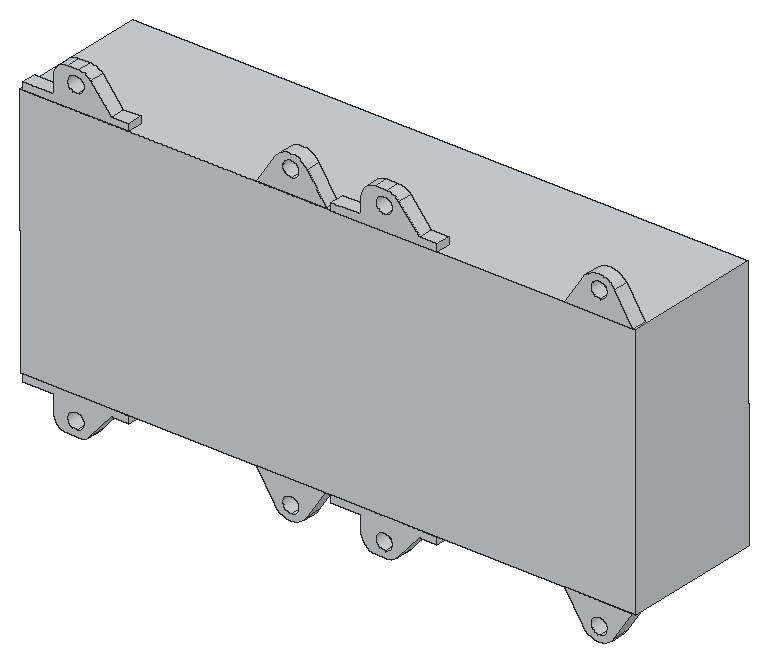
Revit family "Power-MouldedCaseDevices-GEWISS-97MSS-CHANGE-OVER_SWITCH_3POS", category Apparecchi elettrici, host Muro, Revit 2016 (continued)
Definition of nested family "GENERICO -MSS125 COMMUTATORE 3 POSIZIONI"
  Lines and regions (mm)
    model lines, not visible
      curve 696: line (282.29, -25, 72.994) -> (402.291, -25, 72.994)
      curve 697: line (402.291, -25, 72.994) -> (402.291, -25, 1.453)
      curve 698: line (402.291, -25, 1.453) -> (282.29, -25, 1.453)
      curve 699: line (282.29, -25, 1.453) -> (282.29, -25, 29.994)
      curve 700: line (282.29, -25, 29.994) -> (282.29, -25, 1.453)
      curve 701: line (282.29, -25, 1.453) -> (255.334, -25, 1.453)
      curve 702: line (255.334, -25, 1.453) -> (282.29, -25, 1.453)
      curve 703: line (259.566, -25, 72.994) -> (259.058, -25, 72.994)
      curve 704: line (259.058, -25, 72.994) -> (259.566, -25, 72.994)
      curve 705: line (254.995, -25, 72.994) -> (254.318, -25, 72.994)
      curve 706: line (254.318, -25, 72.994) -> (254.995, -25, 72.994)
      curve 707: line (256.18, -25, 72.994) -> (256.857, -25, 72.994)
      curve 708: line (256.857, -25, 72.994) -> (256.18, -25, 72.994)
      curve 709: line (257.534, -25, 72.994) -> (259.058, -25, 72.994)
      curve 710: line (259.058, -25, 72.994) -> (257.534, -25, 72.994)
      curve 711: line (253.471, -25, 72.994) -> (252.286, -25, 72.994)
      curve 712: line (252.286, -25, 72.994) -> (253.471, -25, 72.994)
      curve 713: line (253.471, -25, 72.994) -> (281.235, -25, 72.994)
      curve 714: line (281.235, -25, 72.994) -> (253.471, -25, 72.994)
      curve 715: line (252.624, -25, 188.111) -> (253.302, -25, 188.449)
      curve 716: line (253.302, -25, 188.449) -> (252.624, -25, 188.111)
      curve 717: line (252.624, -25, 188.111) -> (252.286, -25, 187.434)
      curve 718: line (252.286, -25, 187.434) -> (252.624, -25, 188.111)
      curve 719: line (255.334, -25, 171.2) -> (254.825, -25, 171.2)
      curve 720: line (254.825, -25, 171.2) -> (254.318, -25, 171.2)
      curve 721: line (254.318, -25, 171.2) -> (254.825, -25, 171.2)
      curve 722: line (254.825, -25, 171.2) -> (255.334, -25, 171.2)
      curve 723: line (256.18, -25, 171.2) -> (255.334, -25, 171.2)
      curve 724: line (255.334, -25, 171.2) -> (256.18, -25, 171.2)
      curve 725: line (256.18, -25, 171.2) -> (256.688, -25, 171.2)
      curve 726: line (256.688, -25, 171.2) -> (256.18, -25, 171.2)
      curve 727: line (258.042, -25, 171.2) -> (256.688, -25, 171.2)
      curve 728: line (256.688, -25, 171.2) -> (258.042, -25, 171.2)
      curve 729: line (258.042, -25, 171.2) -> (258.55, -25, 171.2)
      curve 730: line (258.55, -25, 171.2) -> (258.042, -25, 171.2)
      curve 731: line (259.735, -25, 171.2) -> (258.55, -25, 171.2)
      curve 732: line (258.55, -25, 171.2) -> (259.735, -25, 171.2)
      curve 733: line (259.735, -25, 171.2) -> (260.243, -25, 171.2)
      curve 734: line (260.243, -25, 171.2) -> (259.735, -25, 171.2)
      curve 735: line (261.597, -25, 171.2) -> (260.243, -25, 171.2)
      curve 736: line (260.243, -25, 171.2) -> (261.597, -25, 171.2)
      curve 737: line (261.597, -25, 171.2) -> (262.105, -25, 171.2)
      curve 738: line (262.105, -25, 171.2) -> (261.597, -25, 171.2)
      curve 739: line (263.459, -25, 171.2) -> (263.967, -25, 171.2)
      curve 740: line (263.967, -25, 171.2) -> (263.459, -25, 171.2)
      curve 741: line (263.459, -25, 171.2) -> (262.105, -25, 171.2)
      curve 742: line (262.105, -25, 171.2) -> (263.459, -25, 171.2)
      curve 743: line (265.66, -25, 171.2) -> (265.152, -25, 171.2)
      curve 744: line (265.152, -25, 171.2) -> (265.66, -25, 171.2)
      curve 745: line (265.66, -25, 171.2) -> (265.152, -25, 171.2)
      curve 746: line (265.152, -25, 171.2) -> (265.66, -25, 171.2)
      curve 747: line (267.014, -25, 171.2) -> (267.522, -25, 171.2)
      curve 748: line (267.522, -25, 171.2) -> (267.014, -25, 171.2)
      curve 749: line (267.014, -25, 171.2) -> (265.66, -25, 171.2)
      curve 750: line (265.66, -25, 171.2) -> (267.014, -25, 171.2)
      curve 751: line (268.708, -25, 171.2) -> (269.215, -25, 171.2)
      curve 752: line (269.215, -25, 171.2) -> (268.708, -25, 171.2)
      curve 753: line (268.708, -25, 171.2) -> (267.522, -25, 171.2)
      curve 754: line (267.522, -25, 171.2) -> (268.708, -25, 171.2)
      curve 755: line (270.57, -25, 171.2) -> (271.077, -25, 171.2)
      curve 756: line (271.077, -25, 171.2) -> (270.57, -25, 171.2)
      curve 757: line (270.57, -25, 171.2) -> (269.215, -25, 171.2)
      curve 758: line (269.215, -25, 171.2) -> (270.57, -25, 171.2)
      curve 759: line (272.431, -25, 171.2) -> (272.94, -25, 171.2)
      curve 760: line (272.94, -25, 171.2) -> (272.431, -25, 171.2)
      curve 761: line (272.431, -25, 171.2) -> (271.077, -25, 171.2)
      curve 762: line (271.077, -25, 171.2) -> (272.431, -25, 171.2)
      curve 763: line (274.125, -25, 171.2) -> (272.94, -25, 171.2)
      curve 764: line (272.94, -25, 171.2) -> (274.125, -25, 171.2)
      curve 765: line (274.125, -25, 171.2) -> (274.632, -25, 171.2)
      curve 766: line (274.632, -25, 171.2) -> (274.125, -25, 171.2)
      curve 767: line (275.987, -25, 171.2) -> (276.495, -25, 171.2)
      curve 768: line (276.495, -25, 171.2) -> (275.987, -25, 171.2)
      curve 769: line (275.987, -25, 171.2) -> (274.632, -25, 171.2)
      curve 770: line (274.632, -25, 171.2) -> (275.987, -25, 171.2)
      curve 771: line (277.849, -25, 171.2) -> (278.357, -25, 171.2)
      curve 772: line (278.357, -25, 171.2) -> (277.849, -25, 171.2)
      curve 773: line (277.849, -25, 171.2) -> (276.495, -25, 171.2)
      curve 774: line (276.495, -25, 171.2) -> (277.849, -25, 171.2)
      curve 775: line (279.542, -25, 171.2) -> (278.357, -25, 171.2)
      curve 776: line (278.357, -25, 171.2) -> (279.542, -25, 171.2)
      curve 777: line (279.542, -25, 171.2) -> (282.29, -25, 171.2)
      curve 778: line (282.29, -25, 171.2) -> (279.542, -25, 171.2)
      curve 779: line (254.825, -25, 171.2) -> (254.318, -25, 171.2)
      curve 780: line (254.318, -25, 171.2) -> (254.825, -25, 171.2)
      curve 781: line (254.318, -25, 171.2) -> (252.286, -25, 171.2)
      curve 782: line (252.286, -25, 171.2) -> (254.318, -25, 171.2)
      curve 783: line (253.302, -25, 188.449) -> (282.29, -25, 188.449)
      curve 784: line (282.29, -25, 188.449) -> (253.302, -25, 188.449)
      curve 785: line (265.152, -25, 171.2) -> (263.967, -25, 171.2)
      curve 786: line (263.967, -25, 171.2) -> (265.152, -25, 171.2)
      curve 787: line (282.29, -25, 165.201) -> (282.29, -25, 141.332)
      curve 788: line (282.29, -25, 141.332) -> (282.29, -25, 165.201)
      curve 789: line (280.727, -25, 117.123) -> (279.881, -25, 116.785)
      curve 790: line (279.881, -25, 116.785) -> (276.833, -25, 116.785)
      curve 791: line (276.833, -25, 116.785) -> (279.881, -25, 116.785)
      curve 792: line (279.881, -25, 116.785) -> (280.727, -25, 117.123)
      curve 793: line (276.833, -25, 119.155) -> (279.881, -25, 119.155)
      curve 794: line (279.881, -25, 119.155) -> (276.833, -25, 119.155)
      curve 795: line (276.833, -25, 119.155) -> (275.987, -25, 118.816)
      curve 796: line (275.987, -25, 118.816) -> (276.833, -25, 119.155)
      curve 797: line (275.987, -25, 118.816) -> (275.648, -25, 117.97)
      curve 798: line (275.648, -25, 117.97) -> (275.987, -25, 118.816)
      curve 799: line (275.648, -25, 117.97) -> (275.987, -25, 117.123)
      curve 800: line (275.987, -25, 117.123) -> (275.648, -25, 117.97)
      curve 801: line (275.987, -25, 117.123) -> (276.833, -25, 116.785)
      curve 802: line (276.833, -25, 116.785) -> (275.987, -25, 117.123)
      curve 803: line (282.29, -25, 107.982) -> (282.29, -25, 97.316)
      curve 804: line (282.29, -25, 97.316) -> (282.29, -25, 107.982)
      curve 805: line (282.29, -25, 127.958) -> (282.29, -25, 138.792)
      curve 806: line (282.29, -25, 138.792) -> (282.29, -25, 127.958)
      curve 807: line (252.286, -25, 140.451) -> (282.29, -25, 140.486)
      curve 808: line (282.29, -25, 140.486) -> (282.29, -25, 171.296)
      curve 809: line (282.29, -25, 171.296) -> (282.29, -25, 140.486)
      curve 810: line (282.29, -25, 95.455) -> (282.29, -25, 73.671)
      curve 811: line (282.29, -25, 73.671) -> (282.29, -25, 95.455)
      curve 812: line (282.29, -25, 129.989) -> (282.29, -25, 105.95)
      curve 813: line (282.29, -25, 105.95) -> (282.29, -25, 129.989)
      curve 814: line (282.29, -25, 188.449) -> (282.29, -25, 171.2)
      curve 815: line (282.29, -25, 171.2) -> (282.29, -25, 188.449)
      curve 816: line (279.881, -25, 119.155) -> (280.727, -25, 118.816)
      curve 817: line (280.727, -25, 118.816) -> (279.881, -25, 119.155)
      curve 818: line (280.727, -25, 118.816) -> (281.065, -25, 117.97)
      curve 819: line (281.065, -25, 117.97) -> (280.727, -25, 118.816)
      curve 820: line (281.065, -25, 117.97) -> (280.727, -25, 117.123)
      curve 821: line (280.727, -25, 117.123) -> (281.065, -25, 117.97)
      curve 822: line (277.646, -25, 57.772) -> (276.799, -25, 57.435)
      curve 823: line (276.799, -25, 57.435) -> (273.752, -25, 57.435)
      curve 824: line (273.752, -25, 57.435) -> (276.799, -25, 57.435)
      curve 825: line (276.799, -25, 57.435) -> (277.646, -25, 57.772)
      curve 826: line (273.752, -25, 59.804) -> (276.799, -25, 59.804)
      curve 827: line (276.799, -25, 59.804) -> (273.752, -25, 59.804)
      curve 828: line (273.752, -25, 59.804) -> (272.905, -25, 59.466)
      curve 829: line (272.905, -25, 59.466) -> (273.752, -25, 59.804)
      curve 830: line (272.905, -25, 59.466) -> (272.567, -25, 58.62)
      curve 831: line (272.567, -25, 58.62) -> (272.905, -25, 59.466)
      curve 832: line (272.567, -25, 58.62) -> (272.905, -25, 57.772)
      curve 833: line (272.905, -25, 57.772) -> (272.567, -25, 58.62)
      curve 834: line (272.905, -25, 57.772) -> (273.752, -25, 57.435)
      curve 835: line (273.752, -25, 57.435) -> (272.905, -25, 57.772)
      curve 836: line (276.799, -25, 59.804) -> (277.646, -25, 59.466)
      curve 837: line (277.646, -25, 59.466) -> (276.799, -25, 59.804)
      curve 838: line (277.646, -25, 59.466) -> (277.984, -25, 58.62)
      curve 839: line (277.984, -25, 58.62) -> (277.646, -25, 59.466)
      curve 840: line (277.984, -25, 58.62) -> (277.646, -25, 57.772)
      curve 841: line (277.646, -25, 57.772) -> (277.984, -25, 58.62)
      curve 842: line (262.523, -25, 101.75) -> (262.429, -25, 101.226)
      curve 843: line (262.429, -25, 101.226) -> (262.47, -25, 100.879)
      curve 844: line (262.47, -25, 100.879) -> (262.429, -25, 101.226)
      curve 845: line (262.429, -25, 101.226) -> (262.523, -25, 101.75)
      curve 846: line (262.47, -25, 100.879) -> (262.588, -25, 100.551)
      curve 847: line (262.588, -25, 100.551) -> (262.47, -25, 100.879)
      curve 848: line (262.588, -25, 100.551) -> (262.771, -25, 100.25)
      curve 849: line (262.771, -25, 100.25) -> (262.588, -25, 100.551)
      curve 850: line (262.771, -25, 100.25) -> (263.282, -25, 99.727)
      curve 851: line (263.282, -25, 99.727) -> (262.771, -25, 100.25)
      curve 852: line (263.282, -25, 99.727) -> (263.899, -25, 99.333)
      curve 853: line (263.899, -25, 99.333) -> (263.282, -25, 99.727)
      curve 854: line (263.899, -25, 99.333) -> (264.575, -25, 99.034)
      curve 855: line (264.575, -25, 99.034) -> (263.899, -25, 99.333)
      curve 856: line (264.575, -25, 99.034) -> (265.287, -25, 98.811)
      curve 857: line (265.287, -25, 98.811) -> (264.575, -25, 99.034)
      curve 858: line (265.287, -25, 98.811) -> (266.009, -25, 98.657)
      curve 859: line (266.009, -25, 98.657) -> (265.287, -25, 98.811)
      curve 860: line (266.009, -25, 98.657) -> (266.744, -25, 98.564)
      curve 861: line (266.744, -25, 98.564) -> (266.009, -25, 98.657)
      curve 862: line (266.744, -25, 98.564) -> (267.897, -25, 98.528)
      curve 863: line (267.897, -25, 98.528) -> (266.744, -25, 98.564)
      curve 864: line (267.897, -25, 98.528) -> (269.05, -25, 98.628)
      curve 865: line (269.05, -25, 98.628) -> (267.897, -25, 98.528)
      curve 866: line (269.05, -25, 98.628) -> (270.184, -25, 98.869)
      curve 867: line (270.184, -25, 98.869) -> (269.05, -25, 98.628)
      curve 868: line (270.184, -25, 98.869) -> (270.695, -25, 99.04)
      curve 869: line (270.695, -25, 99.04) -> (270.184, -25, 98.869)
      curve 870: line (270.695, -25, 99.04) -> (271.196, -25, 99.252)
      curve 871: line (271.196, -25, 99.252) -> (270.695, -25, 99.04)
      curve 872: line (271.196, -25, 99.252) -> (271.678, -25, 99.515)
      curve 873: line (271.678, -25, 99.515) -> (271.196, -25, 99.252)
      curve 874: line (271.678, -25, 99.515) -> (272.113, -25, 99.845)
      curve 875: line (272.113, -25, 99.845) -> (271.678, -25, 99.515)
      curve 876: line (272.113, -25, 99.845) -> (272.478, -25, 100.239)
      curve 877: line (272.478, -25, 100.239) -> (272.113, -25, 99.845)
      curve 878: line (272.478, -25, 100.239) -> (272.73, -25, 100.703)
      curve 879: line (272.73, -25, 100.703) -> (272.478, -25, 100.239)
      curve 880: line (272.73, -25, 100.703) -> (272.83, -25, 101.226)
      curve 881: line (272.83, -25, 101.226) -> (272.73, -25, 100.703)
      curve 882: line (272.83, -25, 101.226) -> (272.789, -25, 101.574)
      curve 883: line (272.789, -25, 101.574) -> (272.83, -25, 101.226)
      curve 884: line (272.789, -25, 101.574) -> (272.672, -25, 101.897)
      curve 885: line (272.672, -25, 101.897) -> (272.789, -25, 101.574)
      curve 886: line (272.672, -25, 101.897) -> (272.489, -25, 102.197)
      curve 887: line (272.489, -25, 102.197) -> (272.672, -25, 101.897)
      curve 888: line (272.489, -25, 102.197) -> (271.977, -25, 102.721)
      curve 889: line (271.977, -25, 102.721) -> (272.489, -25, 102.197)
      curve 890: line (271.977, -25, 102.721) -> (271.354, -25, 103.12)
      curve 891: line (271.354, -25, 103.12) -> (271.977, -25, 102.721)
      curve 892: line (271.354, -25, 103.12) -> (270.679, -25, 103.42)
      curve 893: line (270.679, -25, 103.42) -> (271.354, -25, 103.12)
      curve 894: line (270.679, -25, 103.42) -> (269.973, -25, 103.636)
      curve 895: line (269.973, -25, 103.636) -> (270.679, -25, 103.42)
      curve 896: line (269.973, -25, 103.636) -> (269.249, -25, 103.797)
      curve 897: line (269.249, -25, 103.797) -> (269.973, -25, 103.636)
      curve 898: line (269.249, -25, 103.797) -> (268.514, -25, 103.884)
      curve 899: line (268.514, -25, 103.884) -> (269.249, -25, 103.797)
      curve 900: line (268.514, -25, 103.884) -> (267.357, -25, 103.919)
      curve 901: line (267.357, -25, 103.919) -> (268.514, -25, 103.884)
      curve 902: line (267.357, -25, 103.919) -> (266.204, -25, 103.825)
      curve 903: line (266.204, -25, 103.825) -> (267.357, -25, 103.919)
      curve 904: line (266.204, -25, 103.825) -> (265.075, -25, 103.583)
      curve 905: line (265.075, -25, 103.583) -> (266.204, -25, 103.825)
      curve 906: line (265.075, -25, 103.583) -> (264.557, -25, 103.414)
      curve 907: line (264.557, -25, 103.414) -> (265.075, -25, 103.583)
      curve 908: line (264.557, -25, 103.414) -> (264.058, -25, 103.195)
      curve 909: line (264.058, -25, 103.195) -> (264.557, -25, 103.414)
      curve 910: line (264.058, -25, 103.195) -> (263.582, -25, 102.932)
      curve 911: line (263.582, -25, 102.932) -> (264.058, -25, 103.195)
      curve 912: line (263.582, -25, 102.932) -> (263.146, -25, 102.608)
      curve 913: line (263.146, -25, 102.608) -> (263.582, -25, 102.932)
      curve 914: line (263.146, -25, 102.608) -> (262.782, -25, 102.213)
      curve 915: line (262.782, -25, 102.213) -> (263.146, -25, 102.608)
      curve 916: line (262.782, -25, 102.213) -> (262.523, -25, 101.75)
      curve 917: line (262.523, -25, 101.75) -> (262.782, -25, 102.213)
      curve 918: line (267.727, -25, 99.726) -> (267.462, -25, 99.726)
      curve 919: line (267.462, -25, 99.726) -> (267.727, -25, 99.726)
      curve 920: line (267.727, -25, 99.726) -> (267.727, -25, 102.372)
      curve 921: line (267.727, -25, 102.372) -> (267.727, -25, 99.726)
      curve 922: line (268.723, -25, 102.372) -> (267.727, -25, 102.372)
      curve 923: line (267.727, -25, 102.372) -> (268.723, -25, 102.372)
      curve 924: line (268.723, -25, 102.372) -> (268.723, -25, 102.637)
      curve 925: line (268.723, -25, 102.637) -> (268.723, -25, 102.372)
      curve 926: line (268.723, -25, 102.637) -> (266.474, -25, 102.637)
      curve 927: line (266.474, -25, 102.637) -> (268.723, -25, 102.637)
      curve 928: line (267.462, -25, 99.726) -> (267.462, -25, 102.372)
      curve 929: line (267.462, -25, 102.372) -> (266.474, -25, 102.372)
      curve 930: line (266.474, -25, 102.372) -> (266.474, -25, 102.637)
      curve 931: line (266.474, -25, 102.637) -> (266.474, -25, 102.372)
      curve 932: line (266.474, -25, 102.372) -> (267.462, -25, 102.372)
      curve 933: line (267.462, -25, 102.372) -> (267.462, -25, 99.726)
      curve 934: line (263.353, -25, 136.984) -> (263.468, -25, 137.1)
      curve 935: line (256.854, -25, 137.1) -> (257.784, -25, 137.028)
      curve 936: line (257.784, -25, 137.028) -> (257.712, -25, 135.904)
      curve 937: line (257.712, -25, 135.904) -> (256.204, -25, 135.832)
      curve 938: line (256.204, -25, 135.832) -> (256.204, -25, 134.013)
      curve 939: line (256.204, -25, 134.013) -> (256.587, -25, 134.013)
      curve 940: line (256.587, -25, 134.013) -> (256.587, -25, 135.449)
      curve 941: line (256.587, -25, 135.449) -> (257.712, -25, 135.521)
      curve 942: line (257.712, -25, 135.521) -> (257.712, -25, 132.745)
      curve 943: line (257.712, -25, 132.745) -> (256.854, -25, 132.745)
      curve 944: line (261.541, -25, 135.449) -> (261.469, -25, 134.324)
      curve 945: line (261.469, -25, 134.324) -> (259.363, -25, 134.252)
      curve 946: line (259.363, -25, 134.252) -> (259.363, -25, 134.013)
      curve 947: line (259.363, -25, 134.013) -> (261.469, -25, 133.941)
      curve 948: line (261.469, -25, 133.941) -> (261.529, -25, 132.778)
      curve 949: line (261.469, -25, 132.745) -> (258.166, -25, 132.817)
      curve 950: line (258.166, -25, 132.817) -> (258.166, -25, 137.028)
      curve 951: line (258.166, -25, 137.028) -> (259.961, -25, 137.028)
      curve 952: line (259.961, -25, 137.028) -> (259.961, -25, 135.975)
      curve 953: line (259.89, -25, 135.903) -> (259.363, -25, 135.832)
      curve 954: line (259.363, -25, 135.832) -> (259.435, -25, 135.521)
      curve 955: line (259.435, -25, 135.521) -> (261.469, -25, 135.521)
      curve 956: line (264.411, -25, 132.745) -> (265.562, -25, 132.8)
      curve 957: line (265.562, -25, 132.8) -> (266.348, -25, 135.904)
      curve 958: line (266.348, -25, 135.904) -> (267.643, -25, 135.975)
      curve 959: line (267.643, -25, 135.975) -> (267.571, -25, 137.1)
      curve 960: line (267.571, -25, 137.1) -> (265.333, -25, 137.045)
      curve 961: line (265.333, -25, 137.045) -> (264.915, -25, 135.257)
      curve 962: line (264.915, -25, 135.257) -> (264.555, -25, 137.1)
      curve 963: line (264.555, -25, 137.1) -> (263.926, -25, 137.1)
      curve 964: line (263.926, -25, 137.1) -> (263.362, -25, 137.04)
      curve 965: line (263.362, -25, 137.04) -> (263.072, -25, 135.257)
      curve 966: line (263.072, -25, 135.257) -> (262.584, -25, 137.1)
      curve 967: line (262.584, -25, 137.1) -> (260.344, -25, 137.028)
      curve 968: line (260.344, -25, 137.028) -> (260.344, -25, 135.975)
      curve 969: line (260.344, -25, 135.975) -> (261.639, -25, 135.904)
      curve 970: line (261.639, -25, 135.904) -> (262.495, -25, 132.745)
      curve 971: line (262.495, -25, 132.745) -> (263.576, -25, 132.745)
      curve 972: line (263.576, -25, 132.745) -> (263.994, -25, 134.539)
      curve 973: line (263.994, -25, 134.539) -> (264.341, -25, 132.802)
      curve 974: line (267.643, -25, 132.817) -> (267.643, -25, 135.449)
      curve 975: line (267.643, -25, 135.449) -> (266.518, -25, 135.521)
      curve 976: line (266.518, -25, 135.521) -> (266.446, -25, 132.817)
      curve 977: line (266.446, -25, 132.817) -> (267.571, -25, 132.745)
      curve 978: line (268.026, -25, 137.028) -> (268.098, -25, 134.324)
      curve 979: line (268.098, -25, 134.324) -> (270.132, -25, 134.324)
      curve 980: line (270.132, -25, 134.324) -> (270.132, -25, 133.941)
      curve 981: line (270.132, -25, 133.941) -> (268.026, -25, 133.869)
      curve 982: line (268.026, -25, 133.869) -> (268.026, -25, 132.817)
      curve 983: line (268.026, -25, 132.817) -> (271.328, -25, 132.745)
      curve 984: line (271.328, -25, 132.745) -> (271.328, -25, 135.521)
      curve 985: line (271.328, -25, 135.521) -> (269.222, -25, 135.592)
      curve 986: line (269.222, -25, 135.592) -> (269.222, -25, 135.832)
      curve 987: line (269.222, -25, 135.832) -> (271.328, -25, 135.904)
      curve 988: line (271.328, -25, 135.904) -> (271.4, -25, 137.028)
      curve 989: line (271.4, -25, 137.028) -> (268.098, -25, 137.1)
      curve 990: line (274.752, -25, 135.521) -> (272.979, -25, 135.592)
      curve 991: line (272.979, -25, 135.592) -> (273.05, -25, 135.904)
      curve 992: line (273.05, -25, 135.904) -> (274.536, -25, 135.904)
      curve 993: line (272.713, -25, 137.1) -> (271.783, -25, 137.028)
      curve 994: line (271.783, -25, 137.028) -> (271.855, -25, 134.324)
      curve 995: line (271.855, -25, 134.324) -> (273.742, -25, 134.324)
      curve 996: line (273.742, -25, 134.324) -> (273.742, -25, 133.941)
      curve 997: line (273.742, -25, 133.941) -> (271.783, -25, 133.869)
      curve 998: line (271.783, -25, 133.869) -> (271.783, -25, 132.815)
      curve 999: line (271.783, -25, 132.815) -> (272.713, -25, 132.745)
      curve 1000: line (252.286, -25, 131.034) -> (282.29, -25, 131.034)
      curve 1001: line (272.157, -25, 128.645) -> (275.031, -25, 125.706)
      curve 1002: line (271.639, -25, 128.139) -> (274.513, -25, 125.2)
      curve 1003: line (271.69, -25, 36.478) -> (270.839, -25, 36.974)
      curve 1004: line (270.839, -25, 36.974) -> (274.856, -25, 43.861)
      curve 1005: line (274.856, -25, 43.861) -> (275.707, -25, 43.365)
      curve 1006: line (275.707, -25, 43.365) -> (277.986, -25, 37.827)
      curve 1007: line (277.986, -25, 37.827) -> (271.69, -25, 36.478)
      curve 1008: line (271.69, -25, 36.478) -> (275.707, -25, 43.365)
      curve 1011: arc (326.596, -49, 158.938) -> (326.743, -49, 158.585) -> (327.096, -49, 158.438) r 0.5
      curve 1068: line (536.596, -49, 263.438) -> (536.596, -49, 158.438)
      curve 1069: line (536.596, -49, 158.438) -> (536.596, -49, -0.812)
      curve 1070: line (536.596, -49, -0.812) -> (326.596, -49, -0.812)
      curve 1071: line (326.596, -49, -0.812) -> (326.596, -49, 158.438)
      curve 1072: line (326.596, -49, 158.438) -> (326.596, -49, 263.438)
      curve 1075: line (536.596, -49, 92.688) -> (326.596, -49, 92.688)
      curve 1078: line (536.596, -49, 263.438) -> (536.597, -49, 405.189)
      curve 1079: line (536.597, -49, 405.189) -> (326.597, -49, 405.189)
      curve 1080: line (326.597, -49, 405.189) -> (326.596, -49, 263.438)
    model lines, not visible, detail levels medium+fine
      curve 1009: circle (464.294, -49, 177.438) r 4.5 normal (0, -1, 0)
      curve 1010: circle (464.294, -49, 177.438) r 3 normal (0, -1, 0)
      curve 1059: line (361.596, -49, 158.438) -> (501.596, -49, 158.438)
      curve 1060: line (501.596, -49, 158.438) -> (501.596, -49, 263.438)
      curve 1061: line (501.596, -49, 263.438) -> (361.596, -49, 263.438)
      curve 1062: line (361.596, -49, 263.438) -> (361.596, -49, 158.438)
      curve 1063: line (463.544, -49, 213.938) -> (465.044, -49, 213.938)
      curve 1064: line (465.044, -49, 213.938) -> (465.044, -49, 222.938)
      curve 1065: line (465.044, -49, 222.938) -> (463.544, -49, 222.938)
      curve 1066: line (463.544, -49, 222.938) -> (463.544, -49, 213.938)
      curve 1067: line (503.846, -49, 263.438) -> (536.596, -49, 263.438)
      curve 1073: line (359.846, -49, 135.688) -> (359.846, -49, 158.438)
      curve 1074: line (536.596, -49, 136.688) -> (326.596, -49, 136.688)
      curve 1076: line (503.846, -49, 158.438) -> (536.596, -49, 158.438)
      curve 1077: line (536.597, -49, 311.688) -> (326.597, -49, 311.688)
      curve 1081: line (326.596, -49, 263.438) -> (359.846, -49, 263.438)
      curve 1082: line (359.846, -49, 263.438) -> (359.846, -49, 158.438)
      curve 1083: line (359.846, -49, 158.438) -> (327.096, -49, 158.438)
      curve 1084: line (359.846, -49, 263.438) -> (359.847, -49, 311.688)
      curve 1085: line (503.846, -49, 136.688) -> (503.846, -49, 311.688)
    model lines, not visible, detail levels fine
      curve 1012: arc (367.288, -49, 261.227) -> (363.474, -49, 257.413) -> (367.288, -49, 253.598) r 3.815
      curve 1013: arc (368.791, -49, 253.598) -> (368.88, -49, 253.635) -> (368.917, -49, 253.724) r 0.126
      curve 1014: arc (366.276, -49, 259.131) -> (366.187, -49, 259.095) -> (366.15, -49, 259.006) r 0.126
      curve 1015: arc (366.15, -49, 255.82) -> (366.187, -49, 255.731) -> (366.276, -49, 255.694) r 0.126
      curve 1016: arc (366.695, -49, 255.694) -> (366.784, -49, 255.731) -> (366.821, -49, 255.82) r 0.126
      curve 1017: arc (366.947, -49, 258.461) -> (366.858, -49, 258.424) -> (366.821, -49, 258.335) r 0.126
      curve 1018: arc (368.791, -49, 259.131) -> (368.88, -49, 259.168) -> (368.917, -49, 259.257) r 0.126
      curve 1019: arc (368.917, -49, 258.335) -> (368.88, -49, 258.424) -> (368.791, -49, 258.461) r 0.126
      curve 1020: arc (369.588, -49, 253.724) -> (369.625, -49, 253.635) -> (369.714, -49, 253.598) r 0.126
      curve 1021: arc (375.373, -49, 253.598) -> (375.461, -49, 253.635) -> (375.498, -49, 253.724) r 0.126
      curve 1022: arc (375.498, -49, 255.568) -> (375.461, -49, 255.657) -> (375.373, -49, 255.694) r 0.126
      curve 1023: arc (371.684, -49, 255.82) -> (371.721, -49, 255.731) -> (371.809, -49, 255.694) r 0.126
      curve 1024: arc (372.606, -49, 259.131) -> (372.695, -49, 259.168) -> (372.732, -49, 259.257) r 0.126
      curve 1025: arc (371.809, -49, 259.131) -> (371.721, -49, 259.095) -> (371.684, -49, 259.006) r 0.126
      curve 1026: arc (375.498, -49, 258.335) -> (375.461, -49, 258.424) -> (375.373, -49, 258.461) r 0.126
      curve 1027: arc (375.373, -49, 256.365) -> (375.461, -49, 256.402) -> (375.498, -49, 256.491) r 0.126
      curve 1028: arc (371.809, -49, 256.365) -> (371.721, -49, 256.328) -> (371.684, -49, 256.239) r 0.126
      curve 1029: arc (371.684, -49, 258.586) -> (371.719, -49, 258.499) -> (371.806, -49, 258.461) r 0.126
      curve 1030: arc (373.402, -49, 259.257) -> (373.439, -49, 259.168) -> (373.528, -49, 259.131) r 0.126
      curve 1031: arc (375.794, -49, 259.034) -> (375.749, -49, 259.104) -> (375.671, -49, 259.131) r 0.126
      curve 1032: arc (377.047, -49, 253.695) -> (377.092, -49, 253.625) -> (377.17, -49, 253.598) r 0.126
      curve 1033: arc (379.063, -49, 253.598) -> (379.143, -49, 253.627) -> (379.186, -49, 253.699) r 0.126
      curve 1034: arc (386.062, -49, 259.131) -> (386.151, -49, 259.168) -> (386.188, -49, 259.257) r 0.126
      curve 1035: arc (383.919, -49, 259.131) -> (383.841, -49, 259.104) -> (383.796, -49, 259.034) r 0.126
      curve 1036: arc (382.42, -49, 253.598) -> (382.498, -49, 253.625) -> (382.542, -49, 253.695) r 0.126
      curve 1037: arc (380.404, -49, 253.699) -> (380.447, -49, 253.627) -> (380.527, -49, 253.598) r 0.126
      curve 1038: arc (384.217, -49, 258.461) -> (384.128, -49, 258.424) -> (384.092, -49, 258.335) r 0.126
      curve 1039: arc (384.092, -49, 253.724) -> (384.128, -49, 253.635) -> (384.217, -49, 253.598) r 0.126
      curve 1040: arc (386.062, -49, 253.599) -> (386.151, -49, 253.635) -> (386.188, -49, 253.725) r 0.126
      curve 1041: arc (386.188, -49, 258.335) -> (386.151, -49, 258.424) -> (386.062, -49, 258.461) r 0.126
      curve 1042: arc (392.643, -49, 259.131) -> (392.732, -49, 259.168) -> (392.769, -49, 259.257) r 0.126
      curve 1043: arc (389.08, -49, 259.131) -> (388.991, -49, 259.095) -> (388.954, -49, 259.006) r 0.126
      curve 1044: arc (388.954, -49, 258.586) -> (388.991, -49, 258.497) -> (389.08, -49, 258.461) r 0.126
      curve 1045: arc (386.858, -49, 253.724) -> (386.895, -49, 253.635) -> (386.984, -49, 253.598) r 0.126
      curve 1046: arc (386.984, -49, 255.694) -> (386.895, -49, 255.657) -> (386.858, -49, 255.568) r 0.126
      curve 1047: arc (390.547, -49, 255.694) -> (390.636, -49, 255.731) -> (390.673, -49, 255.82) r 0.126
      curve 1048: arc (392.769, -49, 258.335) -> (392.732, -49, 258.424) -> (392.643, -49, 258.461) r 0.126
      curve 1049: arc (392.643, -49, 253.598) -> (392.732, -49, 253.635) -> (392.769, -49, 253.724) r 0.126
      curve 1050: arc (386.858, -49, 256.491) -> (386.895, -49, 256.402) -> (386.984, -49, 256.365) r 0.126
      curve 1051: arc (390.673, -49, 256.239) -> (390.635, -49, 256.329) -> (390.545, -49, 256.365) r 0.126
      curve 1052: arc (395.068, -49, 253.598) -> (398.084, -49, 255.077) -> (398.762, -49, 258.366) r 3.815
      curve 1053: arc (395.535, -49, 258.586) -> (395.572, -49, 258.497) -> (395.661, -49, 258.461) r 0.126
      curve 1054: arc (396.997, -49, 256.239) -> (396.96, -49, 256.328) -> (396.871, -49, 256.365) r 0.126
      curve 1055: arc (396.871, -49, 255.694) -> (396.96, -49, 255.731) -> (396.997, -49, 255.82) r 0.126
      curve 1056: arc (398.372, -49, 259.32) -> (396.976, -49, 260.716) -> (395.069, -49, 261.227) r 3.815
      curve 1057: arc (398.266, -49, 259.131) -> (398.373, -49, 259.196) -> (398.372, -49, 259.32) r 0.126
      curve 1058: arc (398.762, -49, 258.366) -> (398.717, -49, 258.434) -> (398.641, -49, 258.461) r 0.126
      curve 1086: line (378.672, -49, 261.024) -> (378.875, -49, 261.227)
      curve 1087: line (367.288, -49, 261.227) -> (368.917, -49, 261.102)
      curve 1088: line (368.917, -49, 261.102) -> (368.791, -49, 259.131)
      curve 1089: line (368.791, -49, 259.131) -> (366.15, -49, 259.006)
      curve 1090: line (366.15, -49, 259.006) -> (366.15, -49, 255.82)
      curve 1091: line (366.15, -49, 255.82) -> (366.821, -49, 255.82)
      curve 1092: line (366.821, -49, 255.82) -> (366.821, -49, 258.335)
      curve 1093: line (366.821, -49, 258.335) -> (368.791, -49, 258.461)
      curve 1094: line (368.791, -49, 258.461) -> (368.791, -49, 253.598)
      curve 1095: line (368.791, -49, 253.598) -> (367.288, -49, 253.598)
      curve 1096: line (375.498, -49, 258.335) -> (375.373, -49, 256.365)
      curve 1097: line (375.373, -49, 256.365) -> (371.684, -49, 256.239)
      curve 1098: line (371.684, -49, 256.239) -> (371.684, -49, 255.82)
      curve 1099: line (371.684, -49, 255.82) -> (375.373, -49, 255.694)
      curve 1100: line (375.373, -49, 255.694) -> (375.439, -49, 253.617)
      curve 1101: line (375.479, -49, 253.657) -> (369.588, -49, 253.724)
      curve 1102: line (369.588, -49, 253.724) -> (369.588, -49, 261.102)
      curve 1103: line (369.588, -49, 261.102) -> (372.732, -49, 261.102)
      curve 1104: line (372.732, -49, 261.102) -> (372.732, -49, 259.257)
      curve 1105: line (372.732, -49, 259.257) -> (372.606, -49, 259.131)
      curve 1106: line (372.606, -49, 259.131) -> (371.684, -49, 259.006)
      curve 1107: line (371.684, -49, 259.006) -> (371.809, -49, 258.461)
      curve 1108: line (371.806, -49, 258.461) -> (375.373, -49, 258.461)
      curve 1109: line (380.527, -49, 253.598) -> (382.542, -49, 253.695)
      curve 1110: line (382.542, -49, 253.695) -> (383.919, -49, 259.131)
      curve 1111: line (383.919, -49, 259.131) -> (386.188, -49, 259.257)
      curve 1112: line (386.188, -49, 259.257) -> (386.062, -49, 261.227)
      curve 1113: line (386.062, -49, 261.227) -> (382.141, -49, 261.13)
      curve 1114: line (382.141, -49, 261.13) -> (381.409, -49, 258)
      curve 1115: line (381.409, -49, 258) -> (380.778, -49, 261.227)
      curve 1116: line (380.778, -49, 261.227) -> (379.676, -49, 261.227)
      curve 1117: line (379.676, -49, 261.227) -> (378.688, -49, 261.122)
      curve 1118: line (378.688, -49, 261.122) -> (378.181, -49, 258)
      curve 1119: line (378.181, -49, 258) -> (377.327, -49, 261.227)
      curve 1120: line (377.327, -49, 261.227) -> (373.402, -49, 261.102)
      curve 1121: line (373.402, -49, 261.102) -> (373.402, -49, 259.257)
      curve 1122: line (373.402, -49, 259.257) -> (375.671, -49, 259.131)
      curve 1123: line (375.671, -49, 259.131) -> (377.17, -49, 253.598)
      curve 1124: line (377.17, -49, 253.598) -> (379.063, -49, 253.598)
      curve 1125: line (379.063, -49, 253.598) -> (379.795, -49, 256.742)
      curve 1126: line (379.795, -49, 256.742) -> (380.404, -49, 253.699)
      curve 1127: line (386.188, -49, 253.725) -> (386.188, -49, 258.335)
      curve 1128: line (386.188, -49, 258.335) -> (384.217, -49, 258.461)
      curve 1129: line (384.217, -49, 258.461) -> (384.092, -49, 253.724)
      curve 1130: line (384.092, -49, 253.724) -> (386.062, -49, 253.599)
      curve 1131: line (390.673, -49, 256.239) -> (390.547, -49, 255.694)
      curve 1132: line (390.547, -49, 255.694) -> (386.858, -49, 255.568)
      curve 1133: line (386.858, -49, 255.568) -> (386.858, -49, 253.724)
      curve 1134: line (386.858, -49, 253.724) -> (392.643, -49, 253.598)
      curve 1135: line (392.643, -49, 253.598) -> (392.643, -49, 258.461)
      curve 1136: line (392.643, -49, 258.461) -> (388.954, -49, 258.586)
      curve 1137: line (388.954, -49, 258.586) -> (388.954, -49, 259.006)
      curve 1138: line (388.954, -49, 259.006) -> (392.643, -49, 259.131)
      curve 1139: line (392.643, -49, 259.131) -> (392.769, -49, 261.102)
      curve 1140: line (392.769, -49, 261.102) -> (386.984, -49, 261.227)
      curve 1141: line (386.858, -49, 261.101) -> (386.984, -49, 256.365)
      curve 1142: line (386.984, -49, 256.365) -> (390.545, -49, 256.365)
      curve 1143: line (398.641, -49, 258.461) -> (395.535, -49, 258.586)
      curve 1144: line (395.535, -49, 258.586) -> (395.659, -49, 259.131)
      curve 1145: line (395.659, -49, 259.131) -> (398.266, -49, 259.131)
      curve 1146: line (395.069, -49, 261.227) -> (393.44, -49, 261.102)
      curve 1147: line (393.44, -49, 261.102) -> (393.565, -49, 256.365)
      curve 1148: line (393.565, -49, 256.365) -> (396.871, -49, 256.365)
      curve 1149: line (396.871, -49, 256.365) -> (396.871, -49, 255.694)
      curve 1150: line (396.871, -49, 255.694) -> (393.44, -49, 255.568)
      curve 1151: line (393.44, -49, 255.568) -> (393.44, -49, 253.722)
      curve 1152: line (393.44, -49, 253.722) -> (395.068, -49, 253.598)
      curve 1153: arc (393.44, -49, 256.491) -> (393.476, -49, 256.402) -> (393.565, -49, 256.365) r 0.126
      curve 1154: arc (393.565, -49, 255.694) -> (393.476, -49, 255.657) -> (393.44, -49, 255.568) r 0.126
      curve 1155: arc (393.44, -49, 253.722) -> (393.476, -49, 253.634) -> (393.563, -49, 253.598) r 0.124
      curve 1156: arc (395.659, -49, 259.131) -> (395.572, -49, 259.095) -> (395.535, -49, 259.008) r 0.124
      curve 1157: arc (393.565, -49, 261.227) -> (393.476, -49, 261.19) -> (393.44, -49, 261.102) r 0.126
      curve 1158: arc (392.769, -49, 261.102) -> (392.732, -49, 261.19) -> (392.643, -49, 261.227) r 0.126
      curve 1159: arc (386.984, -49, 261.227) -> (386.895, -49, 261.191) -> (386.858, -49, 261.101) r 0.126
      curve 1160: arc (373.528, -49, 261.227) -> (373.439, -49, 261.19) -> (373.402, -49, 261.102) r 0.126
      curve 1161: arc (377.449, -49, 261.13) -> (377.405, -49, 261.2) -> (377.327, -49, 261.227) r 0.126
      curve 1162: arc (378.812, -49, 261.227) -> (378.731, -49, 261.197) -> (378.688, -49, 261.122) r 0.126
      curve 1163: arc (380.902, -49, 261.122) -> (380.859, -49, 261.197) -> (380.778, -49, 261.227) r 0.126
      curve 1164: arc (382.263, -49, 261.227) -> (382.185, -49, 261.2) -> (382.141, -49, 261.13) r 0.126
      curve 1165: arc (386.188, -49, 261.102) -> (386.151, -49, 261.19) -> (386.062, -49, 261.227) r 0.126
      curve 1166: arc (369.714, -49, 261.227) -> (369.625, -49, 261.19) -> (369.588, -49, 261.102) r 0.126
      curve 1167: arc (372.732, -49, 261.102) -> (372.695, -49, 261.19) -> (372.606, -49, 261.227) r 0.126
      curve 1168: arc (368.917, -49, 261.102) -> (368.88, -49, 261.19) -> (368.791, -49, 261.227) r 0.126
    model lines, detail levels fine
      curve 1169: line (-91.611, -49, 45.196) -> (-91.611, -49, 37.559)
      curve 1170: line (-91.611, -49, 37.559) -> (-94.17, -49, 37.559)
      curve 1171: line (-94.17, -49, 37.559) -> (-95.654, -49, 37.745)
      curve 1172: line (-95.654, -49, 37.745) -> (-97.47, -49, 38.549)
      curve 1173: line (-97.47, -49, 38.549) -> (-98.911, -49, 39.887)
      curve 1174: line (-98.911, -49, 39.887) -> (-99.866, -49, 41.691)
      curve 1175: line (-99.866, -49, 41.691) -> (-100.162, -49, 43.611)
      curve 1176: line (-100.162, -49, 43.611) -> (-99.876, -49, 45.382)
      curve 1177: line (-99.876, -49, 45.382) -> (-99.109, -49, 46.944)
      curve 1178: line (-99.109, -49, 46.944) -> (-97.733, -49, 48.37)
      curve 1179: line (-97.733, -49, 48.37) -> (-96.068, -49, 49.235)
      curve 1180: line (-96.068, -49, 49.235) -> (-94.195, -49, 49.544)
      curve 1181: line (-94.195, -49, 49.544) -> (-91.611, -49, 49.544)
      curve 1182: line (-91.611, -49, 49.544) -> (-91.611, -49, 46.251)
      curve 1183: line (-91.611, -49, 46.251) -> (-95.957, -49, 46.251)
      curve 1184: line (-95.957, -49, 46.251) -> (-95.957, -49, 40.851)
      curve 1185: line (-95.957, -49, 40.851) -> (-94.899, -49, 40.851)
      curve 1186: line (-94.899, -49, 40.851) -> (-94.899, -49, 45.196)
      curve 1187: line (-94.899, -49, 45.196) -> (-91.611, -49, 45.196)
      curve 1188: line (-81.272, -49, 37.559) -> (-90.557, -49, 37.559)
      curve 1189: line (-90.557, -49, 37.559) -> (-90.557, -49, 49.544)
      curve 1190: line (-90.557, -49, 49.544) -> (-85.618, -49, 49.544)
      curve 1191: line (-85.618, -49, 49.544) -> (-85.618, -49, 46.251)
      curve 1192: line (-85.618, -49, 46.251) -> (-87.266, -49, 46.251)
      curve 1193: line (-87.266, -49, 46.251) -> (-87.266, -49, 45.198)
      curve 1194: line (-87.266, -49, 45.198) -> (-81.272, -49, 45.198)
      curve 1195: line (-81.272, -49, 45.198) -> (-81.272, -49, 41.904)
      curve 1196: line (-81.272, -49, 41.904) -> (-87.264, -49, 41.904)
      curve 1197: line (-87.264, -49, 41.904) -> (-87.264, -49, 40.851)
      curve 1198: line (-87.264, -49, 40.851) -> (-81.272, -49, 40.851)
      curve 1199: line (-81.272, -49, 40.851) -> (-81.272, -49, 37.559)
      curve 1200: line (-64.48, -49, 37.559) -> (-64.48, -49, 45.197)
      curve 1201: line (-64.48, -49, 45.197) -> (-67.772, -49, 45.197)
      curve 1202: line (-67.772, -49, 45.197) -> (-67.772, -49, 37.559)
      curve 1203: line (-67.772, -49, 37.559) -> (-64.48, -49, 37.559)
      curve 1204: line (-75.51, -49, 37.559) -> (-74.522, -49, 42.498)
      curve 1205: line (-74.522, -49, 42.498) -> (-73.534, -49, 37.559)
      curve 1206: line (-73.534, -49, 37.559) -> (-70.242, -49, 37.559)
      curve 1207: line (-70.242, -49, 37.559) -> (-68.2, -49, 46.251)
      curve 1208: line (-68.2, -49, 46.251) -> (-64.48, -49, 46.251)
      curve 1209: line (-64.48, -49, 46.251) -> (-64.48, -49, 49.544)
      curve 1210: line (-64.48, -49, 49.544) -> (-70.802, -49, 49.544)
      curve 1211: line (-70.802, -49, 49.544) -> (-71.987, -49, 44.473)
      curve 1212: line (-71.987, -49, 44.473) -> (-72.81, -49, 49.544)
      curve 1213: line (-72.81, -49, 49.544) -> (-76.234, -49, 49.544)
      curve 1214: line (-76.234, -49, 49.544) -> (-77.057, -49, 44.473)
      curve 1215: line (-77.057, -49, 44.473) -> (-78.243, -49, 49.544)
      curve 1216: line (-78.243, -49, 49.544) -> (-84.565, -49, 49.544)
      curve 1217: line (-84.565, -49, 49.544) -> (-84.565, -49, 46.251)
      curve 1218: line (-84.565, -49, 46.251) -> (-80.844, -49, 46.251)
      curve 1219: line (-80.844, -49, 46.251) -> (-78.807, -49, 37.559)
      curve 1220: line (-78.807, -49, 37.559) -> (-75.51, -49, 37.559)
      curve 1221: line (-54.141, -49, 49.544) -> (-63.426, -49, 49.544)
      curve 1222: line (-63.426, -49, 49.544) -> (-63.426, -49, 41.905)
      curve 1223: line (-63.426, -49, 41.905) -> (-57.434, -49, 41.905)
      curve 1224: line (-57.434, -49, 41.905) -> (-57.434, -49, 40.851)
      curve 1225: line (-57.434, -49, 40.851) -> (-63.426, -49, 40.851)
      curve 1226: line (-63.426, -49, 40.851) -> (-63.426, -49, 37.559)
      curve 1227: line (-63.426, -49, 37.559) -> (-54.141, -49, 37.559)
      curve 1228: line (-54.141, -49, 37.559) -> (-54.141, -49, 45.197)
      curve 1229: line (-54.141, -49, 45.197) -> (-60.134, -49, 45.197)
      curve 1230: line (-60.134, -49, 45.197) -> (-60.134, -49, 46.251)
      curve 1231: line (-60.134, -49, 46.251) -> (-54.141, -49, 46.251)
      curve 1232: line (-54.141, -49, 46.251) -> (-54.141, -49, 49.544)
      curve 1233: line (-53.087, -49, 49.544) -> (-53.087, -49, 41.905)
      curve 1234: line (-53.087, -49, 41.905) -> (-47.499, -49, 41.905)
      curve 1235: line (-47.499, -49, 41.905) -> (-47.499, -49, 40.851)
      curve 1236: line (-47.499, -49, 40.851) -> (-53.087, -49, 40.851)
      curve 1237: line (-53.087, -49, 40.851) -> (-53.087, -49, 37.559)
      curve 1238: line (-53.087, -49, 37.559) -> (-49.795, -49, 37.559)
      curve 1239: line (-49.795, -49, 37.559) -> (-47.893, -49, 38.169)
      curve 1240: line (-47.893, -49, 38.169) -> (-46.666, -49, 38.97)
      curve 1241: line (-46.666, -49, 38.97) -> (-45.261, -49, 40.694)
      curve 1242: line (-45.261, -49, 40.694) -> (-44.607, -49, 42.628)
      curve 1243: line (-44.607, -49, 42.628) -> (-44.589, -49, 44.344)
      curve 1244: line (-44.589, -49, 44.344) -> (-44.767, -49, 45.197)
      curve 1245: line (-44.767, -49, 45.197) -> (-49.795, -49, 45.197)
      curve 1246: line (-49.795, -49, 45.197) -> (-49.795, -49, 46.251)
      curve 1247: line (-49.795, -49, 46.251) -> (-45.215, -49, 46.251)
      curve 1248: line (-45.215, -49, 46.251) -> (-45.81, -49, 47.246)
      curve 1249: line (-45.81, -49, 47.246) -> (-46.667, -49, 48.133)
      curve 1250: line (-46.667, -49, 48.133) -> (-47.858, -49, 48.916)
      curve 1251: line (-47.858, -49, 48.916) -> (-49.103, -49, 49.372)
      curve 1252: line (-49.103, -49, 49.372) -> (-50.503, -49, 49.544)
      curve 1253: line (-50.503, -49, 49.544) -> (-53.087, -49, 49.544)
  Dimensions and locks
    equal spacing: plane 5, plane 3 "Centro (Sinistra/Destra)", plane 4
    "A": plane 5 to plane 4
    "C1": plane 8 "C1" to plane 1 "Centro (Fronte/Retro)"
    locked: plane 8 "C1" to plane 9 at 5
    plane 10 to level = 30 mm
    "B": plane 6 to plane 10
    locked: plane 7 to plane 10 at 45
    locked: plane 11 to plane 1 "Centro (Fronte/Retro)" at 5
    locked: Extrusion 2 to plane 8 "C1" at 3.053
    import instance to import instance = 214.962 mm
    aligned and locked: level to plane 2
    aligned and locked: Extrusion 1 sketch curve to plane 4
    aligned and locked: plane 5 to Extrusion 1 sketch curve
    aligned and locked: plane 6 to Extrusion 1 sketch curve
    aligned and locked: Extrusion 1 to plane 8 "C1"
    aligned and locked: Extrusion 1 to plane 1 "Centro (Fronte/Retro)"
    aligned and locked: plane 10 to Extrusion 1 sketch curve
    aligned and locked: Extrusion 2 to plane 9
    aligned and locked: plane 11 to Extrusion 4
    aligned and locked: Extrusion 4 to plane 1 "Centro (Fronte/Retro)"
  Automatic sketch dimensions
    curve 1238 to plane 10 = 7.559 mm
    curve 1188 to plane 10 = 7.559 mm
    curve 1200 to plane 10 = 7.559 mm
    curve 1204 to curve 1188 = 0 mm
    curve 1205 to curve 1204 = 0 mm
    curve 1226 to curve 1200 = 0 mm
    curve 1188 to curve 1170 = 0 mm
    curve 1169 to curve 1170 = 0 mm
    curve 1170 to curve 1171 = 0.187 mm
    curve 1238 to curve 1239 = 0.611 mm
    curve 1171 to curve 1172 = 0.804 mm
    curve 1239 to curve 1240 = 0.8 mm
    curve 1172 to curve 1174 = 1.338 mm
    curve 1240 to curve 1242 = 1.724 mm
    curve 1172 to curve 1184 = 2.302 mm
    curve 1188 to curve 1197 = 3.293 mm
    curve 1227 to curve 1224 = 3.293 mm
    curve 1240 to curve 1235 = 1.882 mm
    curve 1173 to curve 1175 = 1.804 mm
    curve 1198 to curve 1195 = 1.053 mm
    curve 1224 to curve 1223 = 1.053 mm
    curve 1235 to curve 1235 = 1.053 mm
    curve 1205 to curve 1204 = 4.939 mm
    curve 1241 to curve 1243 = 1.934 mm
    curve 1174 to curve 1176 = 1.92 mm
    curve 1242 to curve 1244 = 1.716 mm
    curve 1204 to curve 1212 = 1.976 mm
    curve 1204 to curve 1214 = 1.976 mm
    curve 1185 to curve 1169 = 4.346 mm
    curve 1222 to curve 1201 = 3.293 mm
    curve 1234 to curve 1245 = 3.293 mm
    curve 1223 to curve 1230 = 3.293 mm
    curve 1196 to curve 1194 = 3.294 mm
    curve 1175 to curve 1177 = 1.772 mm
    curve 1201 to curve 1208 = 1.053 mm
    curve 1169 to curve 1183 = 1.054 mm
    curve 1244 to curve 1247 = 1.053 mm
    curve 1229 to curve 1230 = 1.053 mm
    curve 1194 to curve 1219 = 1.053 mm
    curve 1217 to curve 1191 = 0.001 mm
    curve 1176 to curve 1177 = 1.562 mm
    curve 1247 to curve 1248 = 0.995 mm
    curve 1248 to curve 1249 = 0.887 mm
    curve 1177 to curve 1179 = 1.425 mm
    curve 1249 to curve 1250 = 0.783 mm
    curve 1178 to curve 1179 = 0.866 mm
    curve 1250 to curve 1252 = 0.456 mm
    curve 1217 to curve 1217 = 3.293 mm
    curve 1231 to curve 1221 = 3.293 mm
    curve 1214 to curve 1215 = 0 mm
    curve 1210 to curve 1212 = 0 mm
    curve 1233 to curve 1221 = 0 mm
    curve 1182 to curve 1189 = 3.293 mm
    curve 1179 to curve 1180 = 0.308 mm
    curve 1184 to curve 1185 = 1.058 mm
    curve 1180 to curve 1182 = 2.584 mm
    curve 1170 to curve 1170 = 2.559 mm
    curve 1181 to curve 1189 = 1.054 mm
    curve 1169 to curve 1194 = 4.344 mm
    curve 1193 to curve 1198 = 0.003 mm
    curve 1192 to curve 1192 = 1.649 mm
    curve 1190 to curve 1217 = 1.053 mm
    curve 1217 to curve 1194 = 3.292 mm
    curve 1195 to curve 1188 = 0 mm
    curve 1194 to curve 1219 = 0.429 mm
    curve 1188 to curve 1219 = 2.465 mm
    curve 1218 to curve 1216 = 2.601 mm
    curve 1218 to curve 1215 = 3.786 mm
    curve 1215 to curve 1214 = 2.009 mm
    curve 1219 to curve 1204 = 3.297 mm
    curve 1214 to curve 1204 = 2.535 mm
    curve 1204 to curve 1205 = 1.976 mm
    curve 1213 to curve 1213 = 3.424 mm
    curve 1204 to curve 1211 = 2.535 mm
    curve 1212 to curve 1210 = 2.008 mm
    curve 1205 to curve 1206 = 3.293 mm
    curve 1211 to curve 1208 = 3.786 mm
    curve 1206 to curve 1202 = 2.469 mm
    curve 1201 to curve 1208 = 3.293 mm
    curve 1201 to curve 1208 = 0 mm
    curve 1209 to curve 1221 = 1.054 mm
    curve 1226 to curve 1222 = 0 mm
    curve 1200 to curve 1229 = 4.346 mm
    curve 1229 to curve 1224 = 2.7 mm
    curve 1223 to curve 1228 = 3.293 mm
    curve 1228 to curve 1221 = 0 mm
    curve 1228 to curve 1233 = 1.054 mm
    curve 1236 to curve 1233 = 0 mm
    curve 1253 to curve 1251 = 1.4 mm
    curve 1239 to curve 1239 = 1.902 mm
    curve 1248 to curve 1247 = 0.595 mm
    curve 1245 to curve 1243 = 0.178 mm
    curve 1253 to curve 1252 = 2.584 mm
    curve 1169 to curve 1189 = 1.054 mm
    curve 1185 to curve 1170 = 0.729 mm
    curve 1172 to curve 1170 = 1.484 mm
    curve 1179 to curve 1180 = 1.873 mm
    curve 1173 to curve 1171 = 1.816 mm
    curve 1178 to curve 1179 = 1.665 mm
    curve 1174 to curve 1172 = 1.442 mm
    curve 1177 to curve 1178 = 1.376 mm
    curve 1175 to curve 1173 = 0.955 mm
    curve 1176 to curve 1177 = 0.767 mm
    curve 1176 to curve 1176 = 0.286 mm
    plane 4 to curve 1175 = 7.338 mm
    curve 1237 to curve 1238 = 3.293 mm
    curve 1246 to curve 1251 = 0.692 mm
    curve 1251 to curve 1250 = 1.245 mm
    curve 1239 to curve 1235 = 0.394 mm
    curve 1250 to curve 1249 = 1.192 mm
    curve 1239 to curve 1241 = 1.227 mm
    curve 1249 to curve 1249 = 0.856 mm
    curve 1240 to curve 1242 = 1.405 mm
    curve 1247 to curve 1244 = 0.449 mm
    curve 1243 to curve 1243 = 0.019 mm
    Extrusion 4 sketch curve to plane 10 = 0 mm  (x4)
    Extrusion 4 sketch curve to plane 6 = 0 mm  (x4)
    plane 10 to Extrusion 4 sketch curve = 2.5 mm  (x2)
    Extrusion 4 sketch curve to Extrusion 4 sketch curve = 2.5 mm  (x5)
    Extrusion 4 sketch curve to plane 5 = 1.038 mm  (x2)
    plane 10 to Extrusion 4 sketch curve = 6.149 mm
    plane 10 to Extrusion 4 sketch curve = 6.274 mm
    plane 10 to Extrusion 4 sketch curve = 7.409 mm  (x2)
    Extrusion 4 sketch curve to Extrusion 4 sketch curve = 5.5 mm  (x3)
    Extrusion 4 sketch curve to Extrusion 4 sketch curve = 0.686 mm  (x4)
    Extrusion 4 sketch curve to Extrusion 4 sketch curve = 1.821 mm  (x2)
    Extrusion 4 sketch curve to Extrusion 4 sketch curve = 1.946 mm  (x2)
    Extrusion 4 sketch curve to Extrusion 4 sketch curve = 1.716 mm  (x4)
    Extrusion 4 sketch curve to Extrusion 4 sketch curve = 1.805 mm  (x4)
    Extrusion 4 sketch curve to Extrusion 4 sketch curve = 3.619 mm  (x4)
    Extrusion 4 sketch curve to Extrusion 4 sketch curve = 1.972 mm  (x2)
    Extrusion 4 sketch curve to Extrusion 4 sketch curve = 5 mm  (x2)
    plane 6 to Extrusion 4 sketch curve = 2.5 mm
    plane 6 to Extrusion 4 sketch curve = 6.149 mm
    plane 6 to Extrusion 4 sketch curve = 6.274 mm
    plane 6 to Extrusion 4 sketch curve = 7.409 mm  (x2)
    Extrusion 4 sketch curve to Extrusion 4 sketch curve = 0.591 mm
    Extrusion 4 sketch curve to Extrusion 4 sketch curve = 10.5 mm  (x3)
    Extrusion 4 sketch curve to Extrusion 4 sketch curve = 3.028 mm  (x2)
    Extrusion 4 sketch curve to Extrusion 4 sketch curve = 0.89 mm  (x2)
    Extrusion 4 sketch curve to Extrusion 4 sketch curve = 7.24 mm  (x4)
    Extrusion 4 sketch curve to Extrusion 4 sketch curve = 6.079 mm  (x4)
    Extrusion 4 sketch curve to Extrusion 4 sketch curve = 5.729 mm  (x2)
    Extrusion 4 sketch curve to Extrusion 4 sketch curve = 0.028 mm  (x2)
    plane 3 "Centro (Sinistra/Destra)" to Extrusion 4 sketch curve = 0.962 mm  (x2)
    Extrusion 4 sketch curve to plane 3 "Centro (Sinistra/Destra)" = 1.038 mm  (x2)
    Extrusion 4 sketch curve to plane 3 "Centro (Sinistra/Destra)" = 11.538 mm
    Extrusion 4 sketch curve to Extrusion 4 sketch curve = 3.198 mm  (x2)
    Extrusion 4 sketch curve to Extrusion 4 sketch curve = 3.919 mm
    Extrusion 4 sketch curve to Extrusion 4 sketch curve = 0.72 mm
    Extrusion 4 sketch curve to Extrusion 4 sketch curve = 5.673 mm  (x2)
    Extrusion 4 sketch curve to Extrusion 4 sketch curve = 0.198 mm  (x2)
    plane 4 to Extrusion 4 sketch curve = 0.962 mm  (x2)
    plane 7 to Extrusion 2 sketch curve = 1.36 mm
    plane 3 "Centro (Sinistra/Destra)" to Extrusion 2 sketch curve = 12.096 mm
    Extrusion 3 sketch curve to Extrusion 3 sketch curve = 0.667 mm
    Extrusion 3 sketch curve to Extrusion 3 sketch curve = 1.456 mm
    plane 3 "Centro (Sinistra/Destra)" to Extrusion 3 sketch curve = 4.474 mm
    Extrusion 3 sketch curve to Extrusion 3 sketch curve = 1.747 mm
    plane 7 to Extrusion 3 sketch curve = 6.5 mm
    plane 3 "Centro (Sinistra/Destra)" to Extrusion 3 sketch curve = 1.805 mm
    Extrusion 3 sketch curve to Extrusion 3 sketch curve = 3.219 mm
    plane 3 "Centro (Sinistra/Destra)" to Extrusion 3 sketch curve = 0.626 mm
    plane 7 to Extrusion 3 sketch curve = 2.644 mm
    Extrusion 3 sketch curve to plane 7 = 1.644 mm
    plane 3 "Centro (Sinistra/Destra)" to Extrusion 3 sketch curve = 1.37 mm
    Extrusion 3 sketch curve to Extrusion 3 sketch curve = 2.368 mm
    Extrusion 3 sketch curve to plane 7 = 5.5 mm
    plane 3 "Centro (Sinistra/Destra)" to Extrusion 3 sketch curve = 2.914 mm
    Extrusion 3 sketch curve to Extrusion 3 sketch curve = 2.523 mm
    Extrusion 3 sketch curve to Extrusion 3 sketch curve = 1.217 mm
    Extrusion 3 sketch curve to Extrusion 3 sketch curve = 1.978 mm
    Extrusion 3 sketch curve to Extrusion 3 sketch curve = 2.141 mm
    Extrusion 3 sketch curve to Extrusion 3 sketch curve = 1.42 mm
    Extrusion 3 sketch curve to Extrusion 3 sketch curve = 1.405 mm
    Extrusion 3 sketch curve to Extrusion 3 sketch curve = 0.707 mm
    Extrusion 3 sketch curve to Extrusion 3 sketch curve = 2.082 mm
    Extrusion 3 sketch curve to Extrusion 3 sketch curve = 2.618 mm
    Extrusion 3 sketch curve to Extrusion 3 sketch curve = 3.284 mm
    Extrusion 3 sketch curve to Extrusion 3 sketch curve = 3.838 mm
    Extrusion 3 sketch curve to Extrusion 3 sketch curve = 3.632 mm
    Extrusion 3 sketch curve to Extrusion 3 sketch curve = 4.141 mm
    Extrusion 3 sketch curve to Extrusion 3 sketch curve = 3.13 mm
    Extrusion 3 sketch curve to Extrusion 3 sketch curve = 2.741 mm
    Extrusion 3 sketch curve to Extrusion 3 sketch curve = 2.431 mm
    Extrusion 3 sketch curve to Extrusion 3 sketch curve = 0.736 mm
    Extrusion 3 sketch curve to Extrusion 3 sketch curve = 3.061 mm
    Extrusion 3 sketch curve to Extrusion 3 sketch curve = 6.464 mm
    Extrusion 3 sketch curve to Extrusion 3 sketch curve = 3.033 mm
    Extrusion 3 sketch curve to Extrusion 3 sketch curve = 2.94 mm
    Extrusion 3 sketch curve to Extrusion 3 sketch curve = 42.384 mm
    plane 4 to Extrusion 4 sketch curve = 7.29 mm  (x2)
    Extrusion 4 sketch curve to Extrusion 4 sketch curve = 6.327 mm  (x2)
    plane 3 "Centro (Sinistra/Destra)" to Extrusion 4 sketch curve = 7.233 mm  (x2)
    Extrusion 4 sketch curve to Extrusion 4 sketch curve = 6.271 mm  (x2)
    radius of Extrusion 4 sketch curve = 2.852 mm  (x8)
    radius of Extrusion 2 sketch curve = 15 mm
